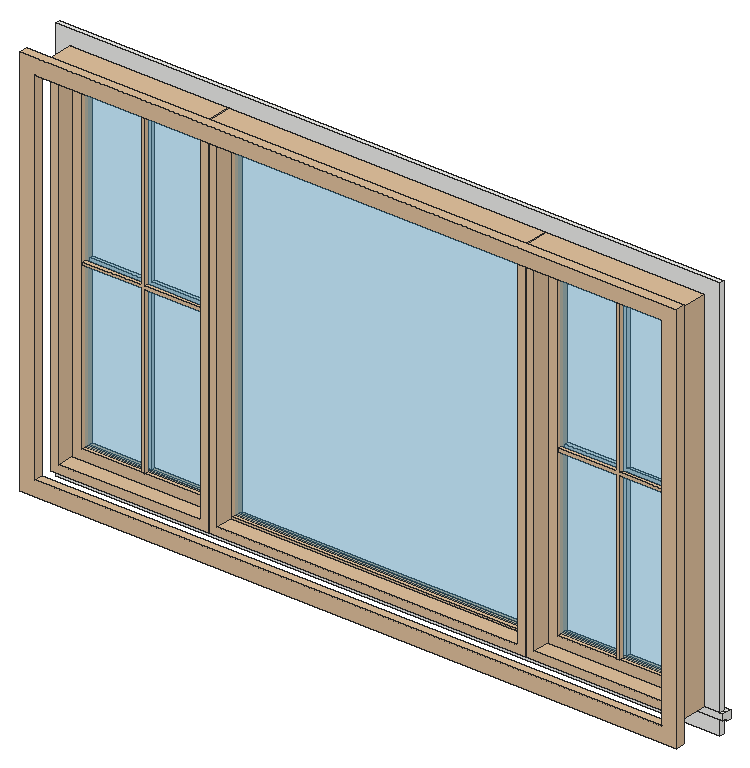
Revit family "Existing Living Room Front Window_Complete", category Windows, host Wall, Revit 2021 (continued)
Definition of nested family "Trim-Window-Exterior-Flat"
  Forms (in)
    Extrusion 5, solid, material <- "Trim Material", visible <- "Picture Frame"
      sketch origin (0, 0, 0) x (1, 0, 0) y (0, 1, 0)
        loop
          line (-12, 0) -> (-12, -36) -> (12, -36) -> (12, 0) -> (-12, 0)
        loop
          line (-14.25, 2.25) -> (-14.25, -38.25) -> (14.25, -38.25) -> (14.25, 2.25) -> (-14.25, 2.25)
      from 0 to 1.25
  Dimensions and locks (in)
    equal spacing: plane 5 "Left", plane 3 "Center (Left/Right)", plane 6 "Right"
    "Opening Width": plane 5 "Left" to plane 6 "Right"
    "Opening Height": plane 7 "Bottom" to plane 1 "Center (Front/Back)"
    "Sill Thickness": plane 7 "Bottom" to plane 8
    "Trim Width": plane 11 to plane 5 "Left"
    "Trim Width": plane 6 "Right" to plane 10
    "Trim Width": plane 1 "Center (Front/Back)" to plane 4
    locked: plane 15 to plane 11 at 0.5
    locked: plane 10 to plane 14 at 0.5
    locked: plane 16 to plane 8 at 0.37668
    "Trim Width": plane 9 to plane 16
    "Trim Width": plane 17 to plane 7 "Bottom"
    locked: plane 18 to plane 2 at 0.5
    equal spacing: plane 7 "Bottom", plane 19, plane 1 "Center (Front/Back)"
    locked: plane 20 to plane 12 at 0.75
    "Trim Thickness_with Sill": plane 12 to plane 2
    "Trim Thickness_Picture Frame": plane 13 to plane 2
    aligned and locked: plane 2 to Extrusion 1
    aligned and locked: level to Extrusion 1
    aligned and locked: Extrusion 2 sketch curve to plane 5 "Left"
    aligned and locked: Extrusion 2 sketch curve to plane 11
    aligned and locked: plane 7 "Bottom" to Extrusion 2 sketch curve  (x2)
    aligned and locked: plane 1 "Center (Front/Back)" to Extrusion 2 sketch curve
    aligned and locked: plane 10 to Extrusion 2 sketch curve
    aligned and locked: Extrusion 2 sketch curve to plane 6 "Right"
    aligned and locked: plane 12 to Extrusion 2
    aligned and locked: Extrusion 3 sketch curve to level
    aligned and locked: plane 7 "Bottom" to Extrusion 3 sketch curve
    aligned and locked: Extrusion 3 sketch curve to plane 8
    aligned and locked: plane 15 to Extrusion 3
    aligned and locked: Extrusion 3 to plane 14
    aligned and locked: plane 10 to Extrusion 4 sketch curve
    aligned and locked: Extrusion 4 sketch curve to plane 11
    aligned and locked: plane 16 to Extrusion 4 sketch curve
    aligned and locked: plane 9 to Extrusion 4 sketch curve
    aligned and locked: Extrusion 4 to Extrusion 2
    aligned and locked: Extrusion 2 sketch curve to plane 4
    aligned and locked: plane 1 "Center (Front/Back)" to Extrusion 5 sketch curve
    aligned and locked: Extrusion 5 sketch curve to plane 4
    aligned and locked: Extrusion 5 sketch curve to plane 17
    aligned and locked: plane 7 "Bottom" to Extrusion 5 sketch curve
    aligned and locked: Extrusion 5 sketch curve to plane 6 "Right"
    aligned and locked: plane 10 to Extrusion 5 sketch curve
    aligned and locked: Extrusion 5 sketch curve to plane 5 "Left"
    aligned and locked: Extrusion 5 sketch curve to plane 11
    aligned and locked: plane 13 to Extrusion 5
    aligned and locked: plane 20 to Extrusion 3
  Automatic sketch dimensions
    Extrusion 1 sketch curve to Extrusion 1 sketch curve = 2' - 4 1/2"
    Extrusion 1 sketch curve to Extrusion 1 sketch curve = 3' - 5.37332"
    Extrusion 3 sketch curve to plane 16 = 0' - 0"
    Extrusion 3 sketch curve to plane 12 = 0' - 0"  (x2)
    Extrusion 3 sketch curve to plane 7 "Bottom" = 0' - 0.09677"
    plane 13 to Extrusion 3 sketch curve = 0' - 0 1/4"
Definition of nested family "Trim-Window-Interior-Flat"
  Parameters (values of type "with Sill")
    Trim Thickness_Picture Frame = 0' - 1 1/4"
    Trim Width = 0' - 2 1/4"
    Trim Thickness_with Sill = 0' - 0 3/4"
    Trim Material [instance] = none
    Sill Thickness = 0' - 1 1/4"
    Sill = yes
    Picture Frame = no
    Opening Width [instance] = 2' - 0"
    Opening Height [instance] = 3' - 0"
    Default Elevation = 4' - 0"
  Types (2): name | Sill | Picture Frame
    with Sill | yes | no
    Picture Frame | no | yes
  Reference planes (in)
    plane 1 "Center (Front/Back)": y = 0
    plane 2: z = 0
    plane 3 "Center (Left/Right)": x = 0
    plane 4: y = 1.75
    plane 5 "Left": x = -12
    plane 6 "Right": x = 12
    plane 7 "Bottom": y = -36
    plane 8: y = -37.25
    plane 9: y = -39.12332
    plane 10: x = 13.75
    plane 11: x = -13.75
    plane 12: z = 0.75
    plane 13: z = 1.25
    plane 14: x = 14.25
    plane 15: x = -14.25
    plane 16: y = -36.87332
    plane 17: y = -37.75
    plane 18: z = 0.5
    plane 19: x = -11.5
    plane 20: y = -0.5
    plane 21: x = 11.5
    plane 22: y = -35.5
    plane 23: x = -13.25
    plane 24: x = 13.25
    plane 25: y = -18
  Forms (in)
    Extrusion 1, solid
      sketch origin (0, 0, 0) x (1, 0, 0) y (0, 1, 0)
        loop
          line (-13.75, 1.75) -> (-13.75, -37.75) -> (13.75, -37.75) -> (13.75, 1.75) -> (-13.75, 1.75)
      from 0 to -12
    Extrusion 2, solid, material <- "Trim Material", visible <- "Sill"
      sketch origin (0, 0, 0) x (1, 0, 0) y (0, 1, 0)
        loop
          line (-13.25, -36) -> (-11.5, -36) -> (-11.5, 0) -> (11.5, 0) -> (11.5, -36) -> (13.25, -36) -> (13.25, 1.75) -> (-13.25, 1.75) -> (-13.25, -36)
      from 0 to 0.75
    Extrusion 3, solid, material <- "Trim Material", visible <- "Sill"
      sketch origin (0, 0, 0) x (0, 1, 0) y (0, 0, 1)
        loop
          line (-36.5, 1.5) -> (-36.87332, 1.5) -> (-36.87332, 0) -> (-36, 0) -> (-36, 1)
          arc (-36, 1) -> (-36.14645, 1.35355) -> (-36.5, 1.5) r 0.5
      from -13.75 to 13.75
    Extrusion 4, solid, material <- "Trim Material", visible <- "Sill"
      sketch origin (0, 0, 0) x (1, 0, 0) y (0, 1, 0)
        loop
          line (-13.25, -36.87332) -> (-13.25, -39.12332) -> (13.25, -39.12332) -> (13.25, -36.87332) -> (-13.25, -36.87332)
      from 0 to 0.75
    Extrusion 5, solid, material <- "Trim Material", visible <- "Picture Frame"
      sketch origin (0, 0, 0) x (1, 0, 0) y (0, 1, 0)
        loop
          line (-11.5, -0.5) -> (-11.5, -35.5) -> (11.5, -35.5) -> (11.5, -0.5) -> (-11.5, -0.5)
        loop
          line (-13.75, 1.75) -> (-13.75, -37.75) -> (13.75, -37.75) -> (13.75, 1.75) -> (-13.75, 1.75)
      from 0 to 1.25
  Dimensions and locks (in)
    equal spacing: plane 5 "Left", plane 3 "Center (Left/Right)", plane 6 "Right"
    "Opening Width": plane 5 "Left" to plane 6 "Right"
    "Opening Height": plane 7 "Bottom" to plane 1 "Center (Front/Back)"
    "Sill Thickness": plane 7 "Bottom" to plane 8
    "Trim Width": plane 11 to plane 19
    "Trim Width": plane 21 to plane 10
    "Trim Width": plane 20 to plane 4
    "Trim Thickness_with Sill": plane 12 to plane 2
    locked: plane 15 to plane 11 at 0.5
    locked: plane 10 to plane 14 at 0.5
    locked: plane 16 to plane 8 at 0.37668
    "Trim Width": plane 9 to plane 16
    "Trim Width": plane 17 to plane 22
    plane 20 to plane 1 "Center (Front/Back)" = 0' - 0 1/2"
    plane 5 "Left" to plane 19 = 0' - 0 1/2"
    plane 21 to plane 6 "Right" = 0' - 0 1/2"
    plane 22 to plane 7 "Bottom" = 0' - 0 1/2"
    locked: plane 11 to plane 23 at 0.5
    locked: plane 24 to plane 10 at 0.5
    equal spacing: plane 7 "Bottom", plane 25, plane 1 "Center (Front/Back)"
    "Trim Thickness_Picture Frame": plane 13 to plane 2
    locked: Extrusion 3 to plane 12 at 0.75
    locked: plane 12 to Extrusion 3 sketch curve at 0.75
    radius of Extrusion 3 sketch curve = 0' - 0 1/2"
    aligned and locked: plane 2 to Extrusion 1
    aligned and locked: level to Extrusion 1
    aligned and locked: plane 7 "Bottom" to Extrusion 2 sketch curve  (x2)
    aligned and locked: plane 1 "Center (Front/Back)" to Extrusion 2 sketch curve
    aligned and locked: plane 12 to Extrusion 2
    aligned and locked: Extrusion 3 sketch curve to level
    aligned and locked: plane 7 "Bottom" to Extrusion 3 sketch curve
    aligned and locked: plane 16 to Extrusion 4 sketch curve
    aligned and locked: plane 9 to Extrusion 4 sketch curve
    aligned and locked: Extrusion 2 sketch curve to plane 4
    aligned and locked: Extrusion 5 sketch curve to plane 4
    aligned and locked: Extrusion 5 sketch curve to plane 17
    aligned and locked: plane 10 to Extrusion 5 sketch curve
    aligned and locked: Extrusion 5 sketch curve to plane 11
    aligned and locked: plane 13 to Extrusion 5
    aligned and locked: Extrusion 5 sketch curve to plane 20
    aligned and locked: Extrusion 5 sketch curve to plane 19
    aligned and locked: Extrusion 5 sketch curve to plane 21
    aligned and locked: plane 22 to Extrusion 5 sketch curve
    aligned and locked: Extrusion 4 to plane 24
    aligned and locked: plane 11 to Extrusion 3
    aligned and locked: Extrusion 3 to plane 10
    aligned and locked: Extrusion 2 sketch curve to plane 21
    aligned and locked: Extrusion 2 sketch curve to plane 24
    aligned and locked: Extrusion 2 sketch curve to plane 19
    aligned and locked: Extrusion 2 sketch curve to plane 23
    aligned and locked: plane 12 to Extrusion 4
  Automatic sketch dimensions
    Extrusion 1 sketch curve to Extrusion 1 sketch curve = 2' - 3 1/2"
    Extrusion 1 sketch curve to Extrusion 1 sketch curve = 3' - 3 1/2"
    Extrusion 3 sketch curve to plane 16 = 0' - 0"
    Extrusion 4 sketch curve to plane 11 = 0' - 0 1/2"
    Extrusion 4 sketch curve to plane 24 = 0' - 0"
Definition of nested family "Muntin Pattern_2x2"
  Parameters (values of type "Muntin Pattern_2x2")
    Width [instance] = 4' - 0"
    Thickness = 0' - 0 1/2"
    Height [instance] = 4' - 0"
    Interior Material [instance] = none
    Exterior Material [instance] = none
    Distance = 0' - 0 3/4"
    Default Elevation = 0' - 0"
  Reference planes (in)
    plane 1 "Center (Front/Back)": y = 0
    plane 2: z = 0
    plane 3 "Center (Left/Right)": x = 0
    plane 4: z = 48
    plane 5: x = -24
    plane 6: x = 24
    plane 7: z = 24
    plane 8: y = 0.375
    plane 9: y = 0.875
    plane 10: y = -0.375
    plane 11: y = -0.875
  Forms (in)
    Extrusion 1, solid, material <- "Interior Material", detail levels fine
      sketch origin (0, 0, 0) x (1, 0, 0) y (0, 0, 1)
        loop
          line (-24, 24.25) -> (-24, 23.75) -> (-0.25, 23.75) -> (-0.25, 0) -> (0.25, 0) -> (0.25, 23.75) -> (24, 23.75) -> (24, 24.25) -> (0.25, 24.25) -> (0.25, 48) -> (-0.25, 48) -> (-0.25, 24.25) -> (-24, 24.25)
      from 0.375 to 0.875
    Extrusion 2, solid, material <- "Exterior Material", detail levels fine
      sketch origin (0, 0, 0) x (1, 0, 0) y (0, 0, -1)
        loop
          line (-24, -24.25) -> (-0.25, -24.25) -> (-0.25, -48) -> (0.25, -48) -> (0.25, -24.25) -> (24, -24.25) -> (24, -23.75) -> (0.25, -23.75) -> (0.25, 0) -> (-0.25, 0) -> (-0.25, -23.75) -> (-24, -23.75) -> (-24, -24.25)
      from 0.375 to 0.875
  Lines and regions (in)
    model lines, detail levels medium
      curve 1: line (0, 0.375, 48) -> (0, 0.375, 0)
      curve 2: line (-24, -0.375, 24) -> (24, -0.375, 24)
      curve 3: line (-24, 0.375, 24) -> (24, 0.375, 24)
      curve 4: line (0, -0.375, 48) -> (0, -0.375, 0)
  Dimensions and locks (in)
    equal spacing: plane 6, plane 3 "Center (Left/Right)", plane 5
    "Width": plane 6 to plane 5
    "Height": plane 4 to plane 2
    equal spacing: plane 4, plane 7, plane 2
    locked: plane 3 "Center (Left/Right)" to Extrusion 1 sketch curve at 0.25  (x4)
    locked: Extrusion 1 sketch curve to plane 7 at 0.25  (x2)
    locked: plane 7 to Extrusion 1 sketch curve at 0.25  (x2)
    "Thickness": plane 9 to plane 8
    "Thickness": plane 10 to plane 11
    "Distance": plane 8 to plane 10
    equal spacing: plane 8, plane 1 "Center (Front/Back)", plane 10
    aligned and locked: plane 2 to level
    aligned and locked: plane 4 to curve 1
    aligned and locked: plane 5 to curve 2
    aligned and locked: plane 2 to curve 1
    aligned and locked: plane 6 to curve 2
    aligned and locked: Extrusion 1 sketch curve to plane 4
    aligned and locked: Extrusion 1 sketch curve to plane 6
    aligned and locked: Extrusion 1 sketch curve to plane 5
    aligned and locked: Extrusion 1 sketch curve to level
    aligned and locked: Extrusion 1 to plane 11
    aligned and locked: plane 10 to Extrusion 1
    aligned and locked: Extrusion 2 to plane 5
    aligned and locked: plane 6 to Extrusion 2
    aligned and locked: Extrusion 2 to plane 8
    aligned and locked: plane 9 to Extrusion 2
    aligned and locked: Extrusion 2 to plane 2
    aligned and locked: plane 4 to Extrusion 2
    aligned and locked: plane 5 to curve 3
    aligned and locked: plane 6 to curve 3
    aligned and locked: plane 4 to curve 4
    aligned and locked: plane 2 to curve 4
    aligned and locked: plane 8 to curve 3
  Automatic sketch dimensions
    curve 2 to plane 7 = 0' - 0"
    Extrusion 2 sketch curve to plane 5 = 0' - 0"
    Extrusion 2 sketch curve to level = 0' - 0"
    Extrusion 2 sketch curve to plane 4 = 0' - 0"
    Extrusion 2 sketch curve to plane 6 = 0' - 0"
    Extrusion 2 sketch curve to plane 3 "Center (Left/Right)" = 0' - 0 1/4"  (x2)
    plane 3 "Center (Left/Right)" to Extrusion 2 sketch curve = 0' - 0 1/4"  (x2)
    plane 7 to Extrusion 2 sketch curve = 0' - 0 1/4"  (x2)
    Extrusion 2 sketch curve to plane 7 = 0' - 0 1/4"  (x2)
    curve 4 to plane 3 "Center (Left/Right)" = 0' - 0"
    curve 4 to level = 0' - 0"
    curve 4 to plane 4 = 0' - 0"
    curve 3 to plane 6 = 0' - 0"
    curve 1 to plane 3 "Center (Left/Right)" = 0' - 0"
    curve 3 to plane 5 = 0' - 0"
    curve 3 to plane 7 = 0' - 0"
Types (4): name | Window Inset | Side Window Width | Side Window Location | Right Side Window Type | Left Side Window Type | Middle Window Width | Height | Width
  (2) 2'-0" x 4'-8" DH + 4'-0" x 4'-8" FX | 0' - 0 3/4" | 2' - 0" | 2' - 0" | Window-Double-Hung : Standard | Window-Double-Hung : Standard | 4' - 0" | 4' - 8" | 8' - 0"
  (2) 0600 x 1400mm DH + 1200 x 1400mm FX | 0' - 0 181/256" | 1' - 11 159/256" | 1' - 11 159/256" | Window-Double-Hung : Standard | Window-Double-Hung : Standard | 3' - 11 31/128" | 4' - 7 15/128" | 7' - 10 31/64"
  (2) 2'-0" x 4'-8" CS + 4'-0" x 4'-8" FX | 0' - 0 3/4" | 2' - 0" | 2' - 0" | Window-Casement-Single_Right : Standard | Window-Casement-Single_Left : Standard | 4' - 0" | 4' - 8" | 8' - 0"
  (2) 0600 x 1400mm CS + 1200 x 1400mm FX | 0' - 0 181/256" | 1' - 11 159/256" | 1' - 11 159/256" | Window-Casement-Single_Right : Standard | Window-Casement-Single_Left : Standard | 3' - 11 31/128" | 4' - 7 15/128" | 7' - 10 31/64"
